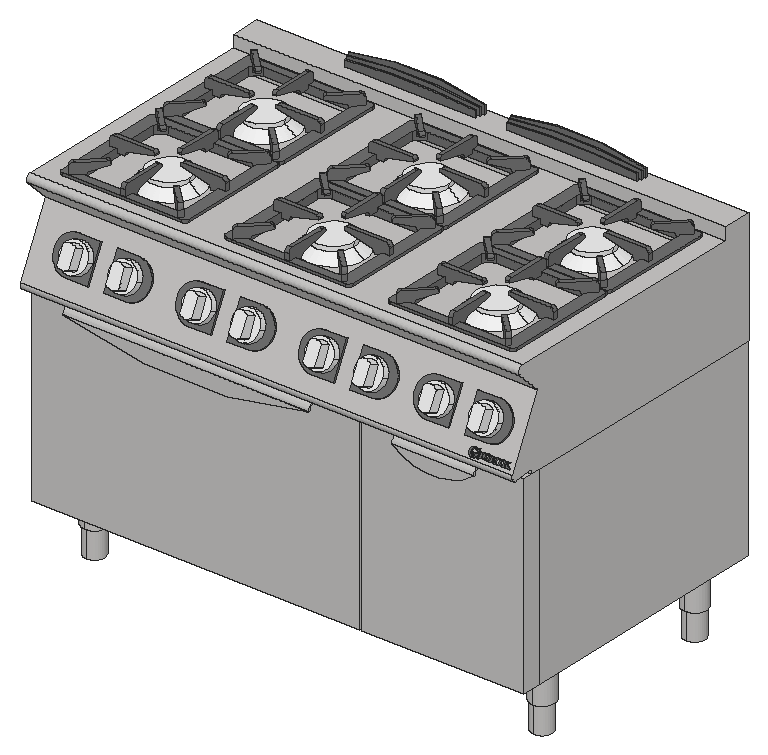
Revit family "QF_GIORIK_ECG760E", category Specialty Equipment, Revit 2014 (continued)
Lines and regions (mm)
  symbolic lines, style "200-EquipInternal-2D"
    curve 63: line (75, -520, 900) -> (75, -620, 900)
    curve 64: line (305, -640, 900) -> (205, -640, 900)
    curve 65: arc (305, -640, 900) -> (310.264, -639.295, 900) -> (315.158, -637.229, 900) r 20
    curve 66: arc (95, -640, 900) -> (89.736, -639.295, 900) -> (84.842, -637.229, 900) r 20
    curve 67: arc (325, -410, 900) -> (324.295, -404.736, 900) -> (322.229, -399.842, 900) r 20
    curve 68: arc (95, -390, 900) -> (89.736, -390.705, 900) -> (84.843, -392.771, 900) r 20
    curve 69: arc (75, -330, 900) -> (75.705, -335.264, 900) -> (77.771, -340.158, 900) r 20
    curve 70: line (205, -350, 900) -> (305, -350, 900)
    curve 71: line (75, -230, 900) -> (75, -330, 900)
    curve 72: arc (305, -350, 900) -> (310.264, -349.295, 900) -> (315.158, -347.229, 900) r 20
    curve 73: line (325, -220, 900) -> (325, -120, 900)
    curve 74: arc (325, -120, 900) -> (324.295, -114.736, 900) -> (322.229, -109.842, 900) r 20
    curve 75: line (195, -100, 900) -> (95, -100, 900)
    curve 76: arc (77.771, -109.842, 900) -> (75.705, -114.736, 900) -> (75, -120, 900) r 20
    curve 77: line (195, -366, 900) -> (205, -366, 900)
    curve 78: line (205, -366, 900) -> (205, -256, 900)
    curve 79: line (205, -256, 900) -> (195, -256, 900)
    curve 80: line (195, -256, 900) -> (195, -366, 900)
    curve 81: line (276.43, -308.501, 900) -> (332.999, -365.07, 900)
    curve 82: line (332.999, -365.07, 900) -> (340.07, -357.999, 900)
    curve 83: line (340.07, -357.999, 900) -> (283.501, -301.43, 900)
    curve 84: line (283.501, -301.43, 900) -> (276.43, -308.501, 900)
    curve 85: line (325, -330, 900) -> (325, -230, 900)
    curve 86: line (325, -230, 900) -> (341, -230, 900)
    curve 87: line (341, -230, 900) -> (341, -220, 900)
    curve 88: line (341, -220, 900) -> (231, -220, 900)
    curve 89: line (231, -220, 900) -> (231, -230, 900)
    curve 90: line (231, -230, 900) -> (325, -230, 900)
    curve 91: line (67.001, -365.07, 900) -> (59.93, -357.999, 900)
    curve 92: line (123.57, -308.501, 900) -> (67.001, -365.07, 900)
    curve 93: line (59.93, -357.999, 900) -> (116.499, -301.43, 900)
    curve 94: line (116.499, -301.43, 900) -> (123.57, -308.501, 900)
    curve 95: line (169, -230, 900) -> (59, -230, 900)
    curve 96: line (59, -220, 900) -> (169, -220, 900)
    curve 97: line (169, -220, 900) -> (169, -230, 900)
    curve 98: line (59, -230, 900) -> (59, -220, 900)
    curve 99: line (205, -194, 900) -> (195, -194, 900)
    curve 100: line (195, -194, 900) -> (195, -84, 900)
    curve 101: line (205, -84, 900) -> (205, -194, 900)
    curve 102: line (195, -84, 900) -> (205, -84, 900)
    curve 103: line (276.43, -141.499, 900) -> (332.999, -84.93, 900)
    curve 104: line (340.07, -92.001, 900) -> (283.501, -148.57, 900)
    curve 105: line (283.501, -148.57, 900) -> (276.43, -141.499, 900)
    curve 106: line (332.999, -84.93, 900) -> (340.07, -92.001, 900)
    curve 107: line (116.499, -148.57, 900) -> (59.93, -92.001, 900)
    curve 108: line (123.57, -141.499, 900) -> (116.499, -148.57, 900)
    curve 109: line (67.001, -84.93, 900) -> (123.57, -141.499, 900)
    curve 110: line (59.93, -92.001, 900) -> (67.001, -84.93, 900)
    curve 111: line (95, -350, 900) -> (195, -350, 900)
    curve 112: line (75, -220, 900) -> (75, -120, 900)
    curve 113: line (305, -100, 900) -> (205, -100, 900)
    curve 114: arc (305, -100, 900) -> (310.264, -100.705, 900) -> (315.158, -102.771, 900) r 20
    curve 115: arc (95, -100, 900) -> (89.736, -100.705, 900) -> (84.842, -102.771, 900) r 20
    curve 116: arc (325, -330, 900) -> (324.295, -335.264, 900) -> (322.229, -340.157, 900) r 20
    curve 117: arc (95, -350, 900) -> (89.736, -349.295, 900) -> (84.843, -347.229, 900) r 20
    curve 118: line (568, -12, 900) -> (238, -12, 900)
    curve 119: line (238, -15, 900) -> (568, -15, 900)
    curve 120: line (565, -22, 900) -> (241, -22, 900)
    curve 121: line (241, -25, 900) -> (565, -25, 900)
    curve 122: line (562, -32, 900) -> (244, -32, 900)
    curve 123: line (244, -35, 900) -> (562, -35, 900)
    curve 124: line (638, -35, 900) -> (956, -35, 900)
    curve 125: line (638, -35, 900) -> (956, -35, 900)
    curve 126: line (956, -32, 900) -> (638, -32, 900)
    curve 127: line (635, -25, 900) -> (959, -25, 900)
    curve 128: line (959, -22, 900) -> (635, -22, 900)
    curve 129: line (632, -15, 900) -> (962, -15, 900)
    curve 130: line (962, -12, 900) -> (632, -12, 900)
    curve 131: line (238, -12, 900) -> (238, -15, 900)
    curve 132: line (241, -22, 900) -> (241, -25, 900)
    curve 133: line (244, -32, 900) -> (244, -35, 900)
    curve 134: line (568, -15, 900) -> (568, -12, 900)
    curve 135: line (565, -25, 900) -> (565, -22, 900)
    curve 136: line (632, -12, 900) -> (632, -15, 900)
    curve 137: line (635, -22, 900) -> (635, -25, 900)
    curve 138: line (638, -32, 900) -> (638, -35, 900)
    curve 139: line (962, -15, 900) -> (962, -12, 900)
    curve 140: line (959, -25, 900) -> (959, -22, 900)
    curve 141: line (956, -35, 900) -> (956, -32, 900)
    curve 146: arc (475, -410, 900) -> (475.705, -404.735, 900) -> (477.771, -399.842, 900) r 20
    curve 147: line (605, -390, 900) -> (705, -390, 900)
    curve 148: line (475, -510, 900) -> (475, -410, 900)
    curve 149: arc (705, -390, 900) -> (710.264, -390.705, 900) -> (715.158, -392.771, 900) r 20
    curve 150: line (725, -520, 900) -> (725, -620, 900)
    curve 151: arc (725, -620, 900) -> (724.295, -625.264, 900) -> (722.229, -630.157, 900) r 20
    curve 152: line (595, -640, 900) -> (495, -640, 900)
    curve 153: arc (477.771, -630.157, 900) -> (475.705, -625.264, 900) -> (475, -620, 900) r 20
    curve 154: line (745, -370, 900) -> (455, -370, 900)
    curve 155: arc (755, -380, 900) -> (752.071, -372.929, 900) -> (745, -370, 900) r 10
    curve 156: line (755, -650, 900) -> (755, -380, 900)
    curve 157: arc (745, -370, 900) -> (752.071, -367.071, 900) -> (755, -360, 900) r 10
    curve 158: line (755, -360, 900) -> (755, -90, 900)
    curve 159: arc (745, -660, 900) -> (752.071, -657.071, 900) -> (755, -650, 900) r 10
    curve 160: line (455, -660, 900) -> (745, -660, 900)
    curve 161: arc (445, -650, 900) -> (447.929, -657.071, 900) -> (455, -660, 900) r 10
    curve 162: line (445, -380, 900) -> (445, -650, 900)
    curve 163: arc (445, -360, 900) -> (447.929, -367.071, 900) -> (455, -370, 900) r 10
    curve 164: arc (455, -370, 900) -> (447.929, -372.929, 900) -> (445, -380, 900) r 10
    curve 165: line (445, -90, 900) -> (445, -360, 900)
    curve 166: line (745, -80, 900) -> (455, -80, 900)
    curve 167: arc (455, -80, 900) -> (447.929, -82.929, 900) -> (445, -90, 900) r 10
    curve 168: arc (755, -90, 900) -> (752.071, -82.929, 900) -> (745, -80, 900) r 10
    curve 169: line (595, -374, 900) -> (605, -374, 900)
    curve 170: line (605, -374, 900) -> (605, -484, 900)
    curve 171: line (605, -484, 900) -> (595, -484, 900)
    curve 172: line (595, -484, 900) -> (595, -374, 900)
    curve 173: line (676.43, -431.499, 900) -> (732.999, -374.93, 900)
    curve 174: line (732.999, -374.93, 900) -> (740.07, -382.001, 900)
    curve 175: line (740.07, -382.001, 900) -> (683.501, -438.57, 900)
    curve 176: line (683.501, -438.57, 900) -> (676.43, -431.499, 900)
    curve 177: line (725, -410, 900) -> (725, -510, 900)
    curve 178: line (725, -510, 900) -> (741, -510, 900)
    curve 179: line (741, -510, 900) -> (741, -520, 900)
    curve 180: line (741, -520, 900) -> (631, -520, 900)
    curve 181: line (631, -520, 900) -> (631, -510, 900)
    curve 182: line (631, -510, 900) -> (725, -510, 900)
    curve 183: line (467.001, -374.93, 900) -> (459.93, -382.001, 900)
    curve 184: line (523.57, -431.499, 900) -> (467.001, -374.93, 900)
    curve 185: line (459.93, -382.001, 900) -> (516.499, -438.57, 900)
    curve 186: line (516.499, -438.57, 900) -> (523.57, -431.499, 900)
    curve 187: line (569, -510, 900) -> (459, -510, 900)
    curve 188: line (459, -520, 900) -> (569, -520, 900)
    curve 189: line (569, -520, 900) -> (569, -510, 900)
    curve 190: line (459, -510, 900) -> (459, -520, 900)
    curve 191: line (605, -546, 900) -> (595, -546, 900)
    curve 192: line (595, -546, 900) -> (595, -656, 900)
    curve 193: line (605, -656, 900) -> (605, -546, 900)
    curve 194: line (595, -656, 900) -> (605, -656, 900)
    curve 195: line (676.43, -598.501, 900) -> (732.999, -655.07, 900)
    curve 196: line (740.07, -647.999, 900) -> (683.501, -591.43, 900)
    curve 197: line (683.501, -591.43, 900) -> (676.43, -598.501, 900)
    curve 198: line (732.999, -655.07, 900) -> (740.07, -647.999, 900)
    curve 199: line (516.499, -591.43, 900) -> (459.93, -647.999, 900)
    curve 200: line (523.57, -598.501, 900) -> (516.499, -591.43, 900)
    curve 201: line (467.001, -655.07, 900) -> (523.57, -598.501, 900)
    curve 202: line (459.93, -647.999, 900) -> (467.001, -655.07, 900)
    curve 203: line (495, -390, 900) -> (595, -390, 900)
    curve 204: line (475, -520, 900) -> (475, -620, 900)
    curve 205: line (705, -640, 900) -> (605, -640, 900)
    curve 206: arc (705, -640, 900) -> (710.264, -639.295, 900) -> (715.158, -637.229, 900) r 20
    curve 207: arc (495, -640, 900) -> (489.736, -639.295, 900) -> (484.842, -637.229, 900) r 20
    curve 208: arc (725, -410, 900) -> (724.295, -404.736, 900) -> (722.229, -399.842, 900) r 20
    curve 209: arc (495, -390, 900) -> (489.736, -390.705, 900) -> (484.843, -392.771, 900) r 20
    curve 210: arc (475, -330, 900) -> (475.705, -335.264, 900) -> (477.771, -340.158, 900) r 20
    curve 211: line (605, -350, 900) -> (705, -350, 900)
    curve 212: line (475, -230, 900) -> (475, -330, 900)
    curve 213: arc (705, -350, 900) -> (710.264, -349.295, 900) -> (715.158, -347.229, 900) r 20
    curve 214: line (725, -220, 900) -> (725, -120, 900)
    curve 215: arc (725, -120, 900) -> (724.295, -114.736, 900) -> (722.229, -109.842, 900) r 20
    curve 216: line (595, -100, 900) -> (495, -100, 900)
    curve 217: arc (477.771, -109.842, 900) -> (475.705, -114.736, 900) -> (475, -120, 900) r 20
    curve 218: line (595, -366, 900) -> (605, -366, 900)
    curve 219: line (605, -366, 900) -> (605, -256, 900)
    curve 220: line (605, -256, 900) -> (595, -256, 900)
    curve 221: line (595, -256, 900) -> (595, -366, 900)
    curve 222: line (676.43, -308.501, 900) -> (732.999, -365.07, 900)
    curve 223: line (732.999, -365.07, 900) -> (740.07, -357.999, 900)
    curve 224: line (740.07, -357.999, 900) -> (683.501, -301.43, 900)
    curve 225: line (683.501, -301.43, 900) -> (676.43, -308.501, 900)
    curve 226: line (725, -330, 900) -> (725, -230, 900)
    curve 227: line (725, -230, 900) -> (741, -230, 900)
    curve 228: line (741, -230, 900) -> (741, -220, 900)
    curve 229: line (741, -220, 900) -> (631, -220, 900)
    curve 230: line (631, -220, 900) -> (631, -230, 900)
    curve 231: line (631, -230, 900) -> (725, -230, 900)
    curve 232: line (467.001, -365.07, 900) -> (459.93, -357.999, 900)
    curve 233: line (523.57, -308.501, 900) -> (467.001, -365.07, 900)
    curve 234: line (459.93, -357.999, 900) -> (516.499, -301.43, 900)
    curve 235: line (516.499, -301.43, 900) -> (523.57, -308.501, 900)
    curve 236: line (569, -230, 900) -> (459, -230, 900)
    curve 237: line (459, -220, 900) -> (569, -220, 900)
    curve 238: line (569, -220, 900) -> (569, -230, 900)
    curve 239: line (459, -230, 900) -> (459, -220, 900)
    curve 240: line (605, -194, 900) -> (595, -194, 900)
    curve 241: line (595, -194, 900) -> (595, -84, 900)
    curve 242: line (605, -84, 900) -> (605, -194, 900)
    curve 243: line (595, -84, 900) -> (605, -84, 900)
    curve 244: line (676.43, -141.499, 900) -> (732.999, -84.93, 900)
    curve 245: line (740.07, -92.001, 900) -> (683.501, -148.57, 900)
    curve 246: line (683.501, -148.57, 900) -> (676.43, -141.499, 900)
    curve 247: line (732.999, -84.93, 900) -> (740.07, -92.001, 900)
    curve 248: line (516.499, -148.57, 900) -> (459.93, -92.001, 900)
    curve 249: line (523.57, -141.499, 900) -> (516.499, -148.57, 900)
    curve 250: line (467.001, -84.93, 900) -> (523.57, -141.499, 900)
    curve 251: line (459.93, -92.001, 900) -> (467.001, -84.93, 900)
    curve 252: line (495, -350, 900) -> (595, -350, 900)
    curve 253: line (475, -220, 900) -> (475, -120, 900)
    curve 254: line (705, -100, 900) -> (605, -100, 900)
    curve 255: arc (705, -100, 900) -> (710.264, -100.705, 900) -> (715.158, -102.771, 900) r 20
    curve 256: arc (495, -100, 900) -> (489.736, -100.705, 900) -> (484.842, -102.771, 900) r 20
    curve 257: arc (725, -330, 900) -> (724.295, -335.264, 900) -> (722.229, -340.157, 900) r 20
    curve 258: arc (495, -350, 900) -> (489.736, -349.295, 900) -> (484.843, -347.229, 900) r 20
    curve 259: arc (875, -410, 900) -> (875.705, -404.735, 900) -> (877.771, -399.842, 900) r 20
    curve 260: line (1005, -390, 900) -> (1105, -390, 900)
    curve 261: line (875, -510, 900) -> (875, -410, 900)
    curve 262: arc (1105, -390, 900) -> (1110.264, -390.705, 900) -> (1115.158, -392.771, 900) r 20
    curve 263: line (1125, -520, 900) -> (1125, -620, 900)
    curve 264: arc (1125, -620, 900) -> (1124.295, -625.264, 900) -> (1122.229, -630.157, 900) r 20
    curve 265: line (995, -640, 900) -> (895, -640, 900)
    curve 266: arc (877.771, -630.157, 900) -> (875.705, -625.264, 900) -> (875, -620, 900) r 20
    curve 267: line (1145, -370, 900) -> (855, -370, 900)
    curve 268: arc (1155, -380, 900) -> (1152.071, -372.929, 900) -> (1145, -370, 900) r 10
    curve 269: line (1155, -650, 900) -> (1155, -380, 900)
    curve 270: arc (1145, -370, 900) -> (1152.071, -367.071, 900) -> (1155, -360, 900) r 10
    curve 271: line (1155, -360, 900) -> (1155, -90, 900)
    curve 272: arc (1145, -660, 900) -> (1152.071, -657.071, 900) -> (1155, -650, 900) r 10
    curve 273: line (855, -660, 900) -> (1145, -660, 900)
    curve 274: arc (845, -650, 900) -> (847.929, -657.071, 900) -> (855, -660, 900) r 10
    curve 275: line (845, -380, 900) -> (845, -650, 900)
    curve 276: arc (845, -360, 900) -> (847.929, -367.071, 900) -> (855, -370, 900) r 10
    curve 277: arc (855, -370, 900) -> (847.929, -372.929, 900) -> (845, -380, 900) r 10
    curve 278: line (845, -90, 900) -> (845, -360, 900)
    curve 279: line (1145, -80, 900) -> (855, -80, 900)
    curve 280: arc (855, -80, 900) -> (847.929, -82.929, 900) -> (845, -90, 900) r 10
    curve 281: arc (1155, -90, 900) -> (1152.071, -82.929, 900) -> (1145, -80, 900) r 10
    curve 282: line (995, -374, 900) -> (1005, -374, 900)
    curve 283: line (1005, -374, 900) -> (1005, -484, 900)
    curve 284: line (1005, -484, 900) -> (995, -484, 900)
    curve 285: line (995, -484, 900) -> (995, -374, 900)
    curve 286: line (1076.43, -431.499, 900) -> (1132.999, -374.93, 900)
    curve 287: line (1132.999, -374.93, 900) -> (1140.07, -382.001, 900)
    curve 288: line (1140.07, -382.001, 900) -> (1083.501, -438.57, 900)
    curve 289: line (1083.501, -438.57, 900) -> (1076.43, -431.499, 900)
    curve 290: line (1125, -410, 900) -> (1125, -510, 900)
    curve 291: line (1125, -510, 900) -> (1141, -510, 900)
    curve 292: line (1141, -510, 900) -> (1141, -520, 900)
    curve 293: line (1141, -520, 900) -> (1031, -520, 900)
    curve 294: line (1031, -520, 900) -> (1031, -510, 900)
    curve 295: line (1031, -510, 900) -> (1125, -510, 900)
    curve 296: line (867.001, -374.93, 900) -> (859.93, -382.001, 900)
    curve 297: line (923.57, -431.499, 900) -> (867.001, -374.93, 900)
    curve 298: line (859.93, -382.001, 900) -> (916.499, -438.57, 900)
    curve 299: line (916.499, -438.57, 900) -> (923.57, -431.499, 900)
    curve 300: line (969, -510, 900) -> (859, -510, 900)
    curve 301: line (859, -520, 900) -> (969, -520, 900)
    curve 302: line (969, -520, 900) -> (969, -510, 900)
    curve 303: line (859, -510, 900) -> (859, -520, 900)
    curve 304: line (1005, -546, 900) -> (995, -546, 900)
    curve 305: line (995, -546, 900) -> (995, -656, 900)
    curve 306: line (1005, -656, 900) -> (1005, -546, 900)
    curve 307: line (995, -656, 900) -> (1005, -656, 900)
    curve 308: line (1076.43, -598.501, 900) -> (1132.999, -655.07, 900)
    curve 309: line (1140.07, -647.999, 900) -> (1083.501, -591.43, 900)
    curve 310: line (1083.501, -591.43, 900) -> (1076.43, -598.501, 900)
    curve 311: line (1132.999, -655.07, 900) -> (1140.07, -647.999, 900)
    curve 312: line (916.499, -591.43, 900) -> (859.93, -647.999, 900)
    curve 313: line (923.57, -598.501, 900) -> (916.499, -591.43, 900)
    curve 314: line (867.001, -655.07, 900) -> (923.57, -598.501, 900)
    curve 315: line (859.93, -647.999, 900) -> (867.001, -655.07, 900)
    curve 316: line (895, -390, 900) -> (995, -390, 900)
    curve 317: line (875, -520, 900) -> (875, -620, 900)
    curve 318: line (1105, -640, 900) -> (1005, -640, 900)
    curve 319: arc (1105, -640, 900) -> (1110.264, -639.295, 900) -> (1115.158, -637.229, 900) r 20
    curve 320: arc (895, -640, 900) -> (889.736, -639.295, 900) -> (884.842, -637.229, 900) r 20
    curve 321: arc (1125, -410, 900) -> (1124.295, -404.736, 900) -> (1122.229, -399.842, 900) r 20
    curve 322: arc (895, -390, 900) -> (889.736, -390.705, 900) -> (884.843, -392.771, 900) r 20
    curve 323: arc (875, -330, 900) -> (875.705, -335.264, 900) -> (877.771, -340.158, 900) r 20
    curve 324: line (1005, -350, 900) -> (1105, -350, 900)
    curve 325: line (875, -230, 900) -> (875, -330, 900)
    curve 326: arc (1105, -350, 900) -> (1110.264, -349.295, 900) -> (1115.158, -347.229, 900) r 20
    curve 327: line (1125, -220, 900) -> (1125, -120, 900)
    curve 328: arc (1125, -120, 900) -> (1124.295, -114.736, 900) -> (1122.229, -109.842, 900) r 20
    curve 329: line (995, -100, 900) -> (895, -100, 900)
    curve 330: arc (877.771, -109.842, 900) -> (875.705, -114.736, 900) -> (875, -120, 900) r 20
    curve 331: line (995, -366, 900) -> (1005, -366, 900)
    curve 332: line (1005, -366, 900) -> (1005, -256, 900)
    curve 333: line (1005, -256, 900) -> (995, -256, 900)
    curve 334: line (995, -256, 900) -> (995, -366, 900)
    curve 335: line (1076.43, -308.501, 900) -> (1132.999, -365.07, 900)
    curve 336: line (1132.999, -365.07, 900) -> (1140.07, -357.999, 900)
    curve 337: line (1140.07, -357.999, 900) -> (1083.501, -301.43, 900)
    curve 338: line (1083.501, -301.43, 900) -> (1076.43, -308.501, 900)
    curve 339: line (1125, -330, 900) -> (1125, -230, 900)
    curve 340: line (1125, -230, 900) -> (1141, -230, 900)
    curve 341: line (1141, -230, 900) -> (1141, -220, 900)
    curve 342: line (1141, -220, 900) -> (1031, -220, 900)
    curve 343: line (1031, -220, 900) -> (1031, -230, 900)
    curve 344: line (1031, -230, 900) -> (1125, -230, 900)
    curve 345: line (867.001, -365.07, 900) -> (859.93, -357.999, 900)
    curve 346: line (923.57, -308.501, 900) -> (867.001, -365.07, 900)
    curve 347: line (859.93, -357.999, 900) -> (916.499, -301.43, 900)
    curve 348: line (916.499, -301.43, 900) -> (923.57, -308.501, 900)
    curve 349: line (969, -230, 900) -> (859, -230, 900)
    curve 350: line (859, -220, 900) -> (969, -220, 900)
    curve 351: line (969, -220, 900) -> (969, -230, 900)
    curve 352: line (859, -230, 900) -> (859, -220, 900)
    curve 353: line (1005, -194, 900) -> (995, -194, 900)
    curve 354: line (995, -194, 900) -> (995, -84, 900)
    curve 355: line (1005, -84, 900) -> (1005, -194, 900)
    curve 356: line (995, -84, 900) -> (1005, -84, 900)
    curve 357: line (1076.43, -141.499, 900) -> (1132.999, -84.93, 900)
    curve 358: line (1140.07, -92.001, 900) -> (1083.501, -148.57, 900)
    curve 359: line (1083.501, -148.57, 900) -> (1076.43, -141.499, 900)
    curve 360: line (1132.999, -84.93, 900) -> (1140.07, -92.001, 900)
    curve 361: line (916.499, -148.57, 900) -> (859.93, -92.001, 900)
    curve 362: line (923.57, -141.499, 900) -> (916.499, -148.57, 900)
    curve 363: line (867.001, -84.93, 900) -> (923.57, -141.499, 900)
    curve 364: line (859.93, -92.001, 900) -> (867.001, -84.93, 900)
    curve 365: line (895, -350, 900) -> (995, -350, 900)
    curve 366: line (875, -220, 900) -> (875, -120, 900)
    curve 367: line (1105, -100, 900) -> (1005, -100, 900)
    curve 368: arc (1105, -100, 900) -> (1110.264, -100.705, 900) -> (1115.158, -102.771, 900) r 20
    curve 369: arc (895, -100, 900) -> (889.736, -100.705, 900) -> (884.842, -102.771, 900) r 20
    curve 370: arc (1125, -330, 900) -> (1124.295, -335.264, 900) -> (1122.229, -340.157, 900) r 20
    curve 371: arc (895, -350, 900) -> (889.736, -349.295, 900) -> (884.843, -347.229, 900) r 20
    curve 374: arc (995, -175.251, 900) -> (964.645, -189.645, 900) -> (950.251, -220, 900) r 50
    curve 375: arc (995, -150.451, 900) -> (947.167, -172.167, 900) -> (925.451, -220, 900) r 74.717
    curve 376: arc (1005, -175.251, 900) -> (1035.355, -189.645, 900) -> (1049.749, -220, 900) r 50
    curve 377: arc (1005, -150.167, 900) -> (1053.033, -171.967, 900) -> (1074.833, -220, 900) r 75
    curve 378: arc (1005, -274.749, 900) -> (1035.355, -260.355, 900) -> (1049.749, -230, 900) r 50
    curve 379: arc (1005, -299.833, 900) -> (1053.033, -278.033, 900) -> (1074.833, -230, 900) r 75
    curve 380: arc (995, -274.749, 900) -> (964.645, -260.355, 900) -> (950.251, -230, 900) r 50
    curve 381: arc (925.167, -230, 900) -> (946.967, -278.033, 900) -> (995, -299.833, 900) r 75
    curve 382: arc (995, -564.749, 900) -> (964.645, -550.355, 900) -> (950.251, -520, 900) r 50
    curve 383: arc (995, -589.549, 900) -> (947.167, -567.833, 900) -> (925.451, -520, 900) r 74.717
    curve 384: arc (1005, -564.749, 900) -> (1035.355, -550.355, 900) -> (1049.749, -520, 900) r 50
    curve 385: arc (1005, -589.833, 900) -> (1053.033, -568.033, 900) -> (1074.833, -520, 900) r 75
    curve 386: arc (1005, -465.251, 900) -> (1035.355, -479.645, 900) -> (1049.749, -510, 900) r 50
    curve 387: arc (1005, -440.167, 900) -> (1053.033, -461.967, 900) -> (1074.833, -510, 900) r 75
    curve 388: arc (995, -465.251, 900) -> (964.645, -479.645, 900) -> (950.251, -510, 900) r 50
    curve 389: arc (925.167, -510, 900) -> (946.967, -461.967, 900) -> (995, -440.167, 900) r 75
    curve 390: arc (195, -175.251, 900) -> (164.645, -189.645, 900) -> (150.251, -220, 900) r 50
    curve 391: arc (195, -150.451, 900) -> (147.167, -172.167, 900) -> (125.451, -220, 900) r 74.717
    curve 392: arc (205, -175.251, 900) -> (235.355, -189.645, 900) -> (249.749, -220, 900) r 50
    curve 393: arc (205, -150.167, 900) -> (253.033, -171.967, 900) -> (274.833, -220, 900) r 75
    curve 394: arc (205, -274.749, 900) -> (235.355, -260.355, 900) -> (249.749, -230, 900) r 50
    curve 395: arc (205, -299.833, 900) -> (253.033, -278.033, 900) -> (274.833, -230, 900) r 75
    curve 396: arc (195, -274.749, 900) -> (164.645, -260.355, 900) -> (150.251, -230, 900) r 50
    curve 397: arc (125.167, -230, 900) -> (146.967, -278.033, 900) -> (195, -299.833, 900) r 75
    curve 398: arc (595, -564.749, 900) -> (564.645, -550.355, 900) -> (550.251, -520, 900) r 50
    curve 399: arc (595, -589.549, 900) -> (547.167, -567.833, 900) -> (525.451, -520, 900) r 74.717
    curve 400: arc (605, -564.749, 900) -> (635.355, -550.355, 900) -> (649.749, -520, 900) r 50
    curve 401: arc (605, -589.833, 900) -> (653.033, -568.033, 900) -> (674.833, -520, 900) r 75
    curve 402: arc (605, -465.251, 900) -> (635.355, -479.645, 900) -> (649.749, -510, 900) r 50
    curve 403: arc (605, -440.167, 900) -> (653.033, -461.967, 900) -> (674.833, -510, 900) r 75
    curve 404: arc (595, -465.251, 900) -> (564.645, -479.645, 900) -> (550.251, -510, 900) r 50
    curve 405: arc (525.167, -510, 900) -> (546.967, -461.967, 900) -> (595, -440.167, 900) r 75
    curve 406: arc (595, -175.251, 900) -> (564.645, -189.645, 900) -> (550.251, -220, 900) r 50
    curve 407: arc (595, -150.451, 900) -> (547.167, -172.167, 900) -> (525.451, -220, 900) r 74.717
    curve 408: arc (605, -175.251, 900) -> (635.355, -189.645, 900) -> (649.749, -220, 900) r 50
    curve 409: arc (605, -150.167, 900) -> (653.033, -171.967, 900) -> (674.833, -220, 900) r 75
    curve 410: arc (605, -274.749, 900) -> (635.355, -260.355, 900) -> (649.749, -230, 900) r 50
    curve 411: arc (605, -299.833, 900) -> (653.033, -278.033, 900) -> (674.833, -230, 900) r 75
    curve 412: arc (595, -274.749, 900) -> (564.645, -260.355, 900) -> (550.251, -230, 900) r 50
    curve 413: arc (525.167, -230, 900) -> (546.967, -278.033, 900) -> (595, -299.833, 900) r 75
    curve 414: arc (195, -564.749, 900) -> (164.645, -550.355, 900) -> (150.251, -520, 900) r 50
    curve 415: arc (195, -589.549, 900) -> (147.167, -567.833, 900) -> (125.451, -520, 900) r 74.717
    curve 416: arc (205, -564.749, 900) -> (235.355, -550.355, 900) -> (249.749, -520, 900) r 50
    curve 417: arc (205, -589.833, 900) -> (253.033, -568.033, 900) -> (274.833, -520, 900) r 75
    curve 418: arc (205, -465.251, 900) -> (235.355, -479.645, 900) -> (249.749, -510, 900) r 50
    curve 419: arc (205, -440.167, 900) -> (253.033, -461.967, 900) -> (274.833, -510, 900) r 75
    curve 420: arc (195, -465.251, 900) -> (164.645, -479.645, 900) -> (150.251, -510, 900) r 50
    curve 421: arc (125.167, -510, 900) -> (146.967, -461.967, 900) -> (195, -440.167, 900) r 75
  symbolic lines, style "QF_Door-Drawer Clearances", visible <- "Show Clearance", detail levels coarse
    curve 143: line (0, -720, 0) -> (0, -1155, 0)
    curve 144: line (0, -1155, 900) -> (800, -1155, 900)
    curve 145: line (800, -1155, 900) -> (800, -720, 900)
    curve 372: arc (1200, -1080, 0) -> (933.354, -976.419, 0) -> (806.554, -720, 0) r 395
    curve 373: line (1200, -720, 0) -> (1200, -1080, 0)
Dimensions and locks
  plane 3 "Left" to plane 4 "Right" = 1200 mm
  plane 5 "Front" to plane 1 "Back" = 720 mm
  plane 4 "Right" to plane 3 "Left" = 1200 mm
  plane 1 "Back" to plane 5 "Front" = 720 mm
  plane 6 "Top" to level = 900 mm  (x2)
  aligned and locked: level to plane 2
Connectors
  piping at (50, -385, 130), diameter 25.4, driven by "Gas Size"
    settings: on Extrusion 9, index 3, connector inside diameter 24", connector length 0 mm, flow factor 0, pipe flow 0.0 L/s, pressure drop 0.0 Pa, fitting loss kfactor 0, connector angle 0.00°, fixture units 0, engagement length 0 mm, angle of deflection 0.00°, flow configuration 1, flow direction 1, fitting loss method 0, system type 22, joint type 0, gender type 0, connector reference index -1, connector utility 0, adjustable connector no, is connector primary yes, connector description "Gas inlet"
  electrical at (790, -490, 130), driven by "Apparent Power", driven by "Volts", driven by "Number of Poles"
    settings: on Extrusion 73, index 4, voltage 400 V, apparent load 0 VA, apparent load phase1 6000 VA, apparent load phase2 0 VA, apparent load phase3 0 VA, power factor 1, load classification "Other", number of poles 3, system type 31, power factor state 1, is connector primary yes, connector utility no, sub classification motor no, connector description "Electrical connection"
